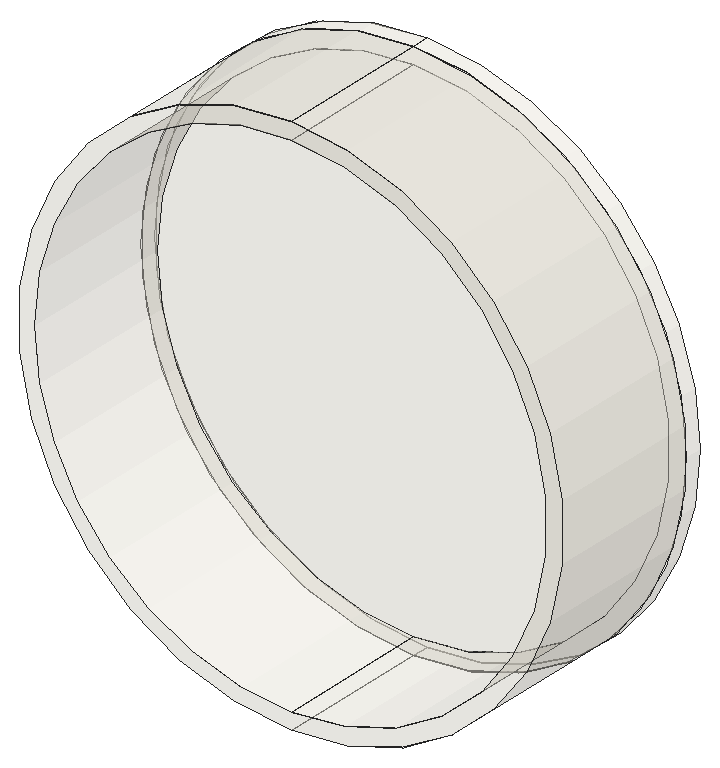
Revit family "PKNail Wall Light", category Lighting Fixtures, host Wall, Revit 2017
Family settings
  Host = Wall
  Round Connector Dimension = Use Diameter
  Part Type = Normal
  OmniClass Number = 23.80.70.11.11
  OmniClass Title = General Luminaries, Non Directional
  Always vertical = Yes
  Cut with Voids When Loaded = No
  Light Source = Yes
  Shared = No
  Room Calculation Point = No
Parameters (values of type "Wall Light")
  Wattage = 60 W
  built-in parameter 1150110 = 1 (stored number, unit not read)
  built-in parameter 1114217 = 1 (stored number, unit not read)
  built-in parameter 1150109 = 1 (stored number, unit not read)
  built-in parameter 1150134 = 4
  built-in parameter 1150113 = 1 (stored number, unit not read)
  PKNail Family Measure Location Centered = yes
  PKNail Family Instance Elevation [instance] = 5' - 10.01453"
  built-in parameter 1150115 = 1 (stored number, unit not read)
  built-in parameter 1150105 = 272.15 (stored number, unit not read)
  Load Classification = Lighting - Dwelling Unit
  Light Source Symbol Size = 0' - 4"
  built-in parameter 1150137 = 1
  built-in parameter 1150139 = (empty or 0)
  built-in parameter 1150112 = 1 (stored number, unit not read)
  built-in parameter 1150114 = 1 (stored number, unit not read)
  built-in parameter 1150132 = (empty or 0)
  built-in parameter 1150102 = (empty or 0)
  built-in parameter 1150138 = (empty or 0)
  built-in parameter 1150107 = 2800 (stored number, unit not read)
  built-in parameter 1150106 = 2.7215 (stored number, unit not read)
  built-in parameter 1150104 = 1.3239 (stored number, unit not read)
  Dimming Lamp Color Temperature Shift = <None>
  Color Filter = 16777215
  built-in parameter 1140040 [instance] = 1
  Ballast Voltage = 277 V
  Ballast Number of Poles = 1
  built-in parameter 1114218 = 1 (stored number, unit not read)
  built-in parameter 1150133 = 10 (stored number, unit not read)
  Assembly Code = "D5020220"
  Lamp = "A-19"
  Shade Material = Glass - Frosted
  Lumens = 855 lm
  Radius = 0' - 8"
  Wattage Comments = ""
  Apparent Load = 60 VA
Reference planes (in)
  plane 1: y = 0
  plane 2 "Light Source Axis": x = 0
  plane 3 "Light Source Elevation": z = 76
  plane 4 "Light Source Axis": y = 5.5
  plane 5: x = -8
  plane 6: x = 8
  plane 7: y = 3
  plane 8: z = 68
  plane 9: z = 0
  plane 10: z = 5.98547
Forms (in)
  Extrusion 1, solid, material "Glass - Frosted" <- "Shade Material"
    sketch origin (-60, 3, 0) x (-1, 0, 0) y (0, 0, 1)
      loop
        circle (-60, 76) r 8
      loop
        circle (-60, 76) r 7.50859
    from 0 to 4.5
  Extrusion 2, solid, material "Glass - Frosted" <- "Shade Material"
    sketch origin (-60, 7.5, 0) x (-1, 0, 0) y (0, 0, 1)
      loop
        circle (-60, 76) r 8
    from 0 to 0.5
Lines and regions (in)
  Masking region 1
    outline origin (0, 0, 0) x (1, 0, 0) y (0, 1, 0)
      loop
        line (-8, 8) -> (-8, 3) -> (8, 3) -> (8, 8) -> (-8, 8)
  symbolic lines
    curve 1: line (-8, 8, 0) -> (8, 8, 0)
    curve 2: line (-8, 3, 0) -> (-8, 8, 0)
    curve 3: line (8, 3, 0) -> (-8, 3, 0)
    curve 4: line (8, 8, 0) -> (8, 3, 0)
  model lines, style "InvisibleLines"
    curve 5: line (0, 3, 68) -> (0, 3, 5.98547)
Text (in)
  text "Front" at (0, 40.15149, 123.01588), in view "Right"
  text "Front" at (-52.2692, 41.1589, 0), in view "Floor Line"
  text "Front" at (0, 36.53891, 92.33263), in view "Left"
Dimensions and locks (in)
  host wall to plane 4 "Light Source Axis" = 0' - 2 1/2"
  "Radius": Extrusion 1 sketch curve to Extrusion 1 sketch curve
  "Radius": Extrusion 2 sketch curve to Extrusion 2 sketch curve
  "Radius": plane 2 "Light Source Axis" to plane 6
  equal spacing: plane 5, plane 2 "Light Source Axis", plane 6
  locked: host wall to plane 4 "Light Source Axis" at 2.5
  "Radius": plane 8 to plane 3 "Light Source Elevation"
  "PKNail Family Instance Elevation": plane 10 to plane 3 "Light Source Elevation"
  aligned and locked: plane 7 to host wall
  aligned and locked: plane 5 to curve 2
  aligned and locked: Masking region 1 sketch curve to curve 1
  aligned and locked: Masking region 1 sketch curve to curve 2
  aligned and locked: Masking region 1 sketch curve to curve 4
  aligned and locked: Masking region 1 sketch curve to curve 3
  aligned and locked: plane 2 "Light Source Axis" to imposter light
  aligned and locked: imposter light to plane 3 "Light Source Elevation"
  aligned and locked: plane 4 "Light Source Axis" to imposter light
  aligned and locked: level to plane 9
  aligned and locked: plane 8 to curve 5
  aligned and locked: plane 10 to curve 5
Automatic sketch dimensions
  curve 3 to host wall = 0' - 0"
  curve 3 to plane 6 = 0' - 0"
  curve 2 to plane 4 "Light Source Axis" = 0' - 2 1/2"
  Extrusion 1 sketch curve to Extrusion 1 sketch curve = 0' - 0"  (x12)
  Extrusion 1 sketch curve to plane 2 "Light Source Axis" = 0' - 0"
  Extrusion 1 sketch curve to plane 3 "Light Source Elevation" = 0' - 0"
  Extrusion 1 sketch curve to Extrusion 1 sketch curve = 0' - 0.49141"
  Extrusion 2 sketch curve to Extrusion 2 sketch curve = 0' - 0"  (x2)
  curve 5 to plane 6 = 0' - 8"
